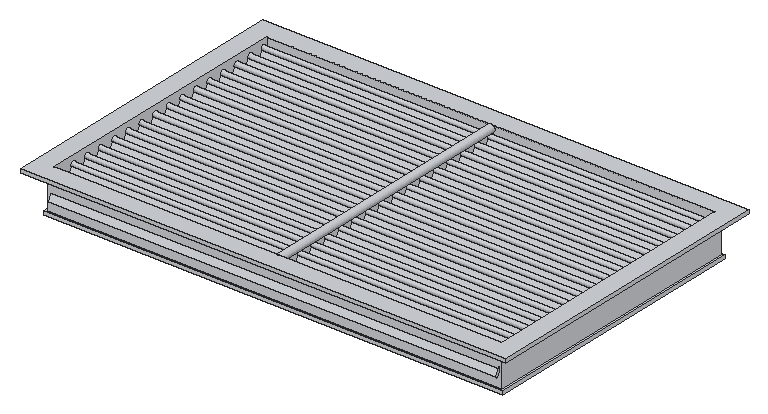
Revit family "BCHH", category Air Terminals, Revit 2012
Parameters (values of type "BCHH-20-12")
  separación = 3/4"
  prueba = 1/4"
  Width = A Largo + 3" / 2  # 21 1/4"
  URL = "http://www.inne.com.mx"
  Travesaños laterales = if(A Largo > 29", 1 < 2, 1 > 2)  # no
  Travesaño medio = if(A Largo < 10", 1 > 2, 1 < 2)  # yes
  N° de rejillas = (B Alto / separación)  # 16
  No. de elementos = (A Largo / separación)  # 26
  Mínima velocidad de cuello = 0 FPM
  Mínima presión estática = 0.00 in-wg
  Máximo nivel de ruido (NC) = ""
  Máxima velocidad de cuello = 0 FPM
  Máxima presión estática = 0.00 in-wg
  Material = ""
  Manufacturer = "INNE"
  Height = B Alto + 3" / 2  # 13 1/4"
  Cuello = ""
  B marco = B Alto + 1 21/32"  # 13 13/32"
  B Alto = 11 3/4"
  Altura = 1 7/8"
  A Largo = 19 3/4"
Types (5): name | Width | N° de rejillas | No. de elementos | Height | B marco | B Alto | A Largo
  (no name) | 21 1/4" | 16 | 26 | 13 1/4" | 13 13/32" | 11 3/4" | 19 3/4"
  BCHH-20-12 | 21 1/4" | 16 | 26 | 13 1/4" | 13 13/32" | 11 3/4" | 19 3/4"
  BCHH-22-14 | 23 1/4" | 18 | 29 | 15 1/4" | 15 13/32" | 13 3/4" | 21 3/4"
  BCHH-24-16 | 25 1/4" | 21 | 32 | 17 1/4" | 17 13/32" | 15 3/4" | 23 3/4"
  BCHH-26-18 | 27 1/4" | 24 | 34 | 19 1/4" | 19 13/32" | 17 3/4" | 25 3/4"
Reference planes (in)
  plane 1 "Center (Front/Back)": y = 0
  plane 2: z = 0
  plane 3 "Center (Left/Right)": x = 0
  plane 4: y = 5.875
  plane 5: y = -5.875
  plane 6: x = -9.875
  plane 7: x = 9.875
  plane 8: y = 5.375
  plane 9: z = -0.58333
  plane 10 "top 2": y = 6.38184
  plane 11: y = -6.375
  plane 12: z = 0.16667
  plane 13: z = -1.70833
  plane 14: y = 6.70312
  plane 15: y = -6.70313
  plane 16: z = -1.33333
  plane 17: x = -9.625
Forms (in)
  Sweep 1, solid
    path origin (0, 0, 0) x (1, 0, 0) y (0, 1, 0)
      loop
        line (-9.875, 5.875) -> (-9.875, -5.875) -> (9.875, -5.875) -> (9.875, 5.875) -> (-9.875, 5.875)
    profile origin (0, 5.875, 0) x (0, 1, 0) y (0, 0, 1)
      loop
        line (0, 0) -> (0, -1.70833) -> (0.25, -1.70833) -> (0.25, -1.55208) -> (0.15625, -1.55208) -> (0.15625, -0.3125) -> (0.25, -0.3125) -> (0.25, -0.15625) -> (0.15625, -0.15625) -> (0.15625, 0) -> (0.82812, 0) -> (0.82812, 0.16667) -> (0, 0.16667) -> (0, 0)
  Sweep 2, solid
    path origin (0, 0, 0) x (1, 0, 0) y (0, 1, 0)
      loop
        line (0, 5.875) -> (0, -5.875)
    profile origin (0, 0, 0) x (1, 0, 0) y (0, 0, 1)
      loop
        line (-0.10984, -0.12535) -> (-0.10984, -0.75) -> (0.10984, -0.75) -> (0.10984, -0.12535)
        arc (0.10984, -0.12535) -> (0, 0.16667) -> (-0.10984, -0.12535) r 0.16667
Dimensions and locks (in)
  equal spacing: plane 6, plane 3 "Center (Left/Right)", plane 7
  equal spacing: plane 4, plane 1 "Center (Front/Back)", plane 5
  "A Largo": plane 6 to plane 7
  "B Alto": plane 4 to plane 5
  locked: Sweep 1 to plane 9 at 0.75
  locked: plane 4 to plane 8 at 0.5
  equal spacing: group 1, group 2, group 3, group 4, group 5, group 6, group 7, group 8, group 9, group 10, group 11, group 12, group 13, group 38, group 39, group 40  (x2)
  equal spacing: group 40, group 39, group 38, group 13, group 12, group 11, group 10, group 9, group 8, group 7, group 6, group 5, group 4, group 3, group 2, group 1
  "separación": nested 1 to nested 2
  locked: plane 10 "top 2" to plane 4 at 0.50684
  locked: plane 5 to plane 11 at 0.5
  "Altura": plane 12 to plane 13
  equal spacing: plane 14, plane 1 "Center (Front/Back)", plane 15
  "B marco": plane 14 to plane 15
  locked: plane 9 to plane 16 at 0.75
  "prueba": plane 17 to plane 6
  equal spacing: group 14, group 15, group 16, group 17, group 18, group 19, group 20, group 21, group 22, group 23, group 24, group 25, group 26, group 27, group 28, group 29, group 30, group 31, group 32, group 33, group 34, group 35, group 36, group 37, group 41, group 42  (x3)
  "separación": nested 15 to nested 14
  "B Alto": Sweep 2 sketch curve to Sweep 2 sketch curve
  aligned and locked: plane 2 to level
  aligned and locked: Sweep 1 sketch curve to plane 4
  aligned and locked: plane 6 to Sweep 1 sketch curve
  aligned and locked: plane 5 to Sweep 1 sketch curve
  aligned and locked: Sweep 1 sketch curve to plane 7
  aligned and locked: plane 6 to nested 1
  aligned and locked: nested 1 to plane 8
  aligned and locked: plane 9 to nested 1
  aligned and locked: plane 6 to nested 2
  aligned and locked: plane 12 to Sweep 1
  aligned and locked: plane 13 to Sweep 1
  aligned and locked: plane 14 to Sweep 1 sketch curve
  aligned and locked: plane 17 to nested 14
  aligned and locked: Sweep 1 to plane 4
  aligned and locked: nested 14 to plane 4
  aligned and locked: nested 16 to plane 4
  aligned and locked: Sweep 1 to nested 15
Automatic sketch dimensions
  Sweep 1 sketch curve to level = 0"  (x2)
  Sweep 1 sketch curve to profile plane = 0"
  Sweep 1 sketch curve to Sweep 1 sketch curve = 1.23958"
  Sweep 1 sketch curve to Sweep 1 sketch curve = 5/32"  (x3)
  Sweep 1 sketch curve to profile plane = 5/32"  (x2)
  Sweep 1 sketch curve to Sweep 1 sketch curve = 3/32"  (x2)
  level to Sweep 1 sketch curve = 0.16667"
  Sweep 2 sketch curve to plane 3 "Center (Left/Right)" = 0"
  Sweep 2 sketch curve to plane 5 = 0"
  Sweep 2 sketch curve to level = 0"
  profile plane to Sweep 2 sketch curve = 0"
  Sweep 2 sketch curve to profile plane = 0.10984"
  profile plane to Sweep 2 sketch curve = 0.10984"
  Sweep 2 sketch curve to Sweep 2 sketch curve = 0"
  Sweep 2 sketch curve to level = 0.12535"
  Sweep 2 sketch curve to Sweep 2 sketch curve = 0.62465"
Nested families (in)
  nested 1: "Rejilla aleta" at (-9.875, 5.375, -0.58333), type "Rejilla aleta"
    with Largo rejilla 19 3/4"
  nested 2: "Rejilla aleta" at (-9.875, 4.625, -0.58333), type "Rejilla aleta"
    with Largo rejilla 19 3/4"
  nested 3: "Rejilla aleta" at (-9.875, 3.875, -0.58333), type "Rejilla aleta"
    with Largo rejilla 19 3/4"
  nested 4: "Rejilla aleta" at (-9.875, 3.125, -0.58333), type "Rejilla aleta"
    with Largo rejilla 19 3/4"
  nested 5: "Rejilla aleta" at (-9.875, 2.375, -0.58333), type "Rejilla aleta"
    with Largo rejilla 19 3/4"
  nested 6: "Rejilla aleta" at (-9.875, 1.625, -0.58333), type "Rejilla aleta"
    with Largo rejilla 19 3/4"
  nested 7: "Rejilla aleta" at (-9.875, 0.875, -0.58333), type "Rejilla aleta"
    with Largo rejilla 19 3/4"
  nested 8: "Rejilla aleta" at (-9.875, 0.125, -0.58333), type "Rejilla aleta"
    with Largo rejilla 19 3/4"
  nested 9: "Rejilla aleta" at (-9.875, -0.625, -0.58333), type "Rejilla aleta"
    with Largo rejilla 19 3/4"
  nested 10: "Rejilla aleta" at (-9.875, -1.375, -0.58333), type "Rejilla aleta"
    with Largo rejilla 19 3/4"
  nested 11: "Rejilla aleta" at (-9.875, -2.125, -0.58333), type "Rejilla aleta"
    with Largo rejilla 19 3/4"
  nested 12: "Rejilla aleta" at (-9.875, -2.875, -0.58333), type "Rejilla aleta"
    with Largo rejilla 19 3/4"
  nested 13: "Rejilla aleta" at (-9.875, -3.625, -0.58333), type "Rejilla aleta"
    with Largo rejilla 19 3/4"
  nested 14: "Rejilla aleta pequeña" at (-9.625, -5.875, -1.32831) x (0, 1, 0) z (0, 0, 1), type "Rejilla aleta pequeña"
  nested 15: "Rejilla aleta pequeña" at (-8.875, -5.875, -1.32831) x (0, 1, 0) z (0, 0, 1), type "Rejilla aleta pequeña"
  nested 16: "Rejilla aleta pequeña" at (-8.125, -5.875, -1.32831) x (0, 1, 0) z (0, 0, 1), type "Rejilla aleta pequeña"
  nested 17: "Rejilla aleta pequeña" at (-7.375, -5.875, -1.32831) x (0, 1, 0) z (0, 0, 1), type "Rejilla aleta pequeña"
  nested 18: "Rejilla aleta pequeña" at (-6.625, -5.875, -1.32831) x (0, 1, 0) z (0, 0, 1), type "Rejilla aleta pequeña"
  nested 19: "Rejilla aleta pequeña" at (-5.875, -5.875, -1.32831) x (0, 1, 0) z (0, 0, 1), type "Rejilla aleta pequeña"
  nested 20: "Rejilla aleta pequeña" at (-5.125, -5.875, -1.32831) x (0, 1, 0) z (0, 0, 1), type "Rejilla aleta pequeña"
  nested 21: "Rejilla aleta pequeña" at (-4.375, -5.875, -1.32831) x (0, 1, 0) z (0, 0, 1), type "Rejilla aleta pequeña"
  nested 22: "Rejilla aleta pequeña" at (-3.625, -5.875, -1.32831) x (0, 1, 0) z (0, 0, 1), type "Rejilla aleta pequeña"
  nested 23: "Rejilla aleta pequeña" at (-2.875, -5.875, -1.32831) x (0, 1, 0) z (0, 0, 1), type "Rejilla aleta pequeña"
  nested 24: "Rejilla aleta pequeña" at (-2.125, -5.875, -1.32831) x (0, 1, 0) z (0, 0, 1), type "Rejilla aleta pequeña"
  nested 25: "Rejilla aleta pequeña" at (-1.375, -5.875, -1.32831) x (0, 1, 0) z (0, 0, 1), type "Rejilla aleta pequeña"
  nested 26: "Rejilla aleta pequeña" at (-0.625, -5.875, -1.32831) x (0, 1, 0) z (0, 0, 1), type "Rejilla aleta pequeña"
  nested 27: "Rejilla aleta pequeña" at (0.125, -5.875, -1.32831) x (0, 1, 0) z (0, 0, 1), type "Rejilla aleta pequeña"
  nested 28: "Rejilla aleta pequeña" at (0.875, -5.875, -1.32831) x (0, 1, 0) z (0, 0, 1), type "Rejilla aleta pequeña"
  nested 29: "Rejilla aleta pequeña" at (1.625, -5.875, -1.32831) x (0, 1, 0) z (0, 0, 1), type "Rejilla aleta pequeña"
  nested 30: "Rejilla aleta pequeña" at (2.375, -5.875, -1.32831) x (0, 1, 0) z (0, 0, 1), type "Rejilla aleta pequeña"
  nested 31: "Rejilla aleta pequeña" at (3.125, -5.875, -1.32831) x (0, 1, 0) z (0, 0, 1), type "Rejilla aleta pequeña"
  nested 32: "Rejilla aleta pequeña" at (3.875, -5.875, -1.32831) x (0, 1, 0) z (0, 0, 1), type "Rejilla aleta pequeña"
  nested 33: "Rejilla aleta pequeña" at (4.625, -5.875, -1.32831) x (0, 1, 0) z (0, 0, 1), type "Rejilla aleta pequeña"
  nested 34: "Rejilla aleta pequeña" at (5.375, -5.875, -1.32831) x (0, 1, 0) z (0, 0, 1), type "Rejilla aleta pequeña"
  nested 35: "Rejilla aleta pequeña" at (6.125, -5.875, -1.32831) x (0, 1, 0) z (0, 0, 1), type "Rejilla aleta pequeña"
  nested 36: "Rejilla aleta pequeña" at (6.875, -5.875, -1.32831) x (0, 1, 0) z (0, 0, 1), type "Rejilla aleta pequeña"
  nested 37: "Rejilla aleta pequeña" at (7.625, -5.875, -1.32831) x (0, 1, 0) z (0, 0, 1), type "Rejilla aleta pequeña"
  nested 38: "Rejilla aleta" at (-9.875, -4.375, -0.58333), type "Rejilla aleta"
    with Largo rejilla 19 3/4"
  nested 39: "Rejilla aleta" at (-9.875, -5.125, -0.58333), type "Rejilla aleta"
    with Largo rejilla 19 3/4"
  nested 40: "Rejilla aleta" at (-9.875, -5.875, -0.58333), type "Rejilla aleta"
    with Largo rejilla 19 3/4"
  nested 41: "Rejilla aleta pequeña" at (8.375, -5.875, -1.32831) x (0, 1, 0) z (0, 0, 1), type "Rejilla aleta pequeña"
  nested 42: "Rejilla aleta pequeña" at (9.125, -5.875, -1.32831) x (0, 1, 0) z (0, 0, 1), type "Rejilla aleta pequeña"
Connectors (in)
  hvac at (0, 0, 0), driven by "Height", driven by "Width"
    settings: on Sweep 1, index 1, duct flow 0 CFM, flow factor 0, pres drop 0.00 in-wg, loss coef 0, conn angle 0.00°, conn width 21 1/4", conn height 13 1/4", conn radius 12", duct sys type 1, conn prof type 1, flow config 0, flow direction 0, loss method 0, conn ref index -1, conn util no, is conn primary yes, conn desc ""
Definition of nested family "Rejilla aleta"
  Parameters (values of type "Rejilla aleta")
    Largo rejilla = 12.27168"
  Reference planes (in)
    plane 1 "Center (Front/Back)": y = 0
    plane 2: z = 0
    plane 3 "Center (Left/Right)": x = 0
    plane 4: y = 0.75
    plane 5: y = -0.75
    plane 6: z = -0.75
    plane 7: z = 0.75
    plane 8: z = 0
    plane 9: y = 0
    plane 10: x = 12.27168
  Forms (in)
    Extrusion 1, solid
      sketch origin (0, 0, 0) x (0, 1, 0) y (0, 0, 1)
        loop
          line (-0.26338, -0.52178) -> (0.23181, 0.33592)
          arc (0.23181, 0.33592) -> (0.3001, 0.52015) -> (0.1774, 0.36669) r 0.09951
          line (0.1774, 0.36669) -> (-0.31751, -0.49053) -> (-0.26338, -0.52178)
      from 0 to 12.27168
  Dimensions and locks (in)
    equal spacing: plane 4, plane 1 "Center (Front/Back)", plane 5
    plane 4 to plane 5 = 1 1/2"
    equal spacing: plane 7, level, plane 6
    plane 7 to plane 6 = 1 1/2"
    Extrusion 1 sketch curve to Extrusion 1 sketch curve = 1/16"
    "Largo rejilla": plane 3 "Center (Left/Right)" to plane 10
    aligned and locked: plane 2 to level
    aligned and locked: Extrusion 1 to plane 10
  Automatic sketch dimensions
    plane 1 "Center (Front/Back)" to Extrusion 1 sketch curve = 0.31751"
    plane 6 to Extrusion 1 sketch curve = 0.22822"
    Extrusion 1 sketch curve to Extrusion 1 sketch curve = 0.05413"
    Extrusion 1 sketch curve to Extrusion 1 sketch curve = 0.0193"
    Extrusion 1 sketch curve to Extrusion 1 sketch curve = 0.0544"
    Extrusion 1 sketch curve to Extrusion 1 sketch curve = 0"
    Extrusion 1 sketch curve to plane 1 "Center (Front/Back)" = 0.1774"
Definition of nested family "Rejilla aleta pequeña"
  Parameters (values of type "Rejilla aleta pequeña")
    B alto = 11 3/4"
  Reference planes (in)
    plane 1 "Center (Front/Back)": y = 0
    plane 2: z = 0
    plane 3 "Center (Left/Right)": x = 0
    plane 4: y = 0.75
    plane 5: y = -0.75
    plane 6: z = -0.75
    plane 7: z = 0.75
    plane 8: z = 0
    plane 9: y = 0
    plane 10: x = 11.75
  Forms (in)
    Extrusion 1, solid
      sketch origin (0, 0.07631, -0.14258) x (0, 0.513203, 0.858267) y (0, -0.858267, 0.513203)
        loop
          line (-0.09922, -0.23744) -> (0.23181, 0.33592)
          arc (0.23181, 0.33592) -> (0.26384, 0.45604) -> (0.1774, 0.36669) r 0.06422
          line (0.1774, 0.36669) -> (-0.15335, -0.20619) -> (-0.09922, -0.23744)
      from 0 to 11.75
  Dimensions and locks (in)
    equal spacing: plane 4, plane 1 "Center (Front/Back)", plane 5
    plane 4 to plane 5 = 1 1/2"
    equal spacing: plane 7, level, plane 6
    plane 7 to plane 6 = 1 1/2"
    Extrusion 1 sketch curve to Extrusion 1 sketch curve = 1/16"
    "B alto": plane 3 "Center (Left/Right)" to plane 10
    aligned and locked: plane 2 to level
    aligned and locked: Extrusion 1 to plane 10
  Automatic sketch dimensions
    Extrusion 1 sketch curve to plane 1 "Center (Front/Back)" = 0.17458"
    plane 6 to Extrusion 1 sketch curve = 0.36999"
    Extrusion 1 sketch curve to Extrusion 1 sketch curve = 0.05413"
    Extrusion 1 sketch curve to Extrusion 1 sketch curve = 0.33075"
    Extrusion 1 sketch curve to Extrusion 1 sketch curve = 0.0544"
    Extrusion 1 sketch curve to Extrusion 1 sketch curve = 0.00042"
